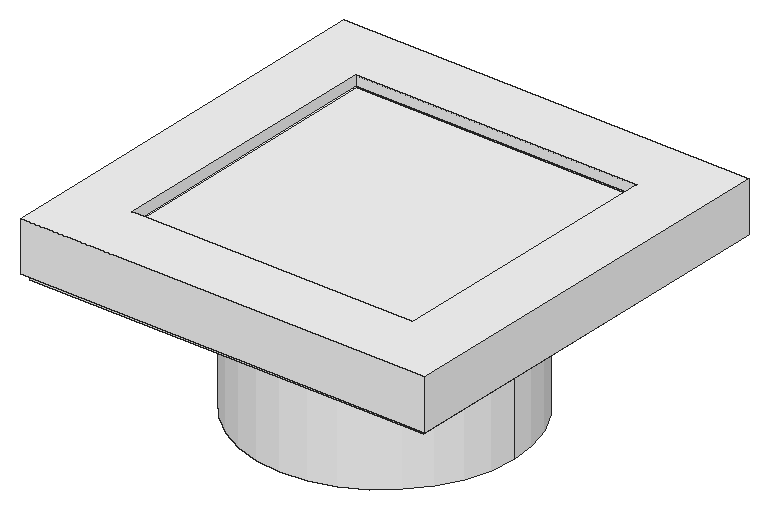
Revit family "Gira_291203", category Electrical Fixtures, host Face, Revit 2017
Family settings
  Host = Face
  Maintain Annotation Orientation = Yes
  Round Connector Dimension = Use Diameter
  Part Type = Normal
  Cut with Voids When Loaded = No
  Shared = No
  Room Calculation Point = No
Parameters (values of type "Zugtaster System 55 Reinweiß")
  Zusammenstellung = "Basiselement"
  White [instance] = White
  Werkstoffgüte = "sonstige"
  Werkstoff = "sonstige"
  URL = "http://katalog.gira.de/de_DE/datenblatt.html?artikelnr=291203"
  Tasterfunktion = "Ruf auslösen"
  Region = "DE"
  Name = "Zugtaster System 55 Reinweiß"
  Model = "Sys55_Komplettgerät_Schalten und Tasten"
  Manufacturer URL = "https://www.gira.de/"
  HeinzeBIM = "https://bimportal.heinze.de/bim/zugtaster-system-55-reinweiss/5bac549efa62aa683827bc893924f0966a0ba7ff"
  HAN = "291203"
  Geeignet für = "Notruf"
  GTIN = "4010337062561"
  Farbe = "weiß"
  Default Elevation = 1219.2 mm
  Data sheet (1) = "https://katalog.gira.de/de_DE/download.html?artikelnr=291203"
  Category = "Ruf-, Bedienervorrichtung Klinikinstallation"
  Busfähig = "2-Draht"
  Bedienung = "Zug"
  Bauart = "Wandgerät"
  Available = "Yes"
  Art der Spannungsversorgung = "Bus-System"
Reference planes
  plane 1 "Center (Front/Back)": y = 0
  plane 2: z = 0
  plane 3 "Center (Left/Right)": x = 0
Forms (mm)
  Extrusion 1, solid, material "White" <- "White", detail levels medium
    sketch origin (0, 0, 0) x (1, 0, 0) y (0, 1, 0)
      loop
        line (-40.4, 40.4) -> (-40.4, -40.4) -> (40.4, -40.4) -> (40.4, 40.4) -> (-40.4, 40.4)
      loop
        line (-28, 28) -> (-28, -28) -> (28, -28) -> (28, 28) -> (-28, 28)
    from 0 to 10
  Extrusion 2, solid, material "White" <- "White", detail levels fine
    sketch origin (0, 0, 0) x (1, 0, 0) y (0, 1, 0)
      loop
        line (-40.4, 40.4) -> (-40.4, -40.4) -> (40.4, -40.4) -> (40.4, 40.4) -> (-40.4, 40.4)
      loop
        line (-28, 28) -> (-28, -28) -> (28, -28) -> (28, 28) -> (-28, 28)
    from 0 to 10
  Extrusion 3, void
    sketch origin (0, 0, 0) x (1, 0, 0) y (0, 1, 0)
      loop
        line (-38.4, 38.4) -> (-38.4, -38.4) -> (38.4, -38.4) -> (38.4, 38.4) -> (-38.4, 38.4)
    from 0 to 8
  Extrusion 4, solid, material "White" <- "White", detail levels medium+fine
    sketch origin (0, 0, 0) x (1, 0, 0) y (0, 1, 0)
      loop
        line (-39.4, 39.4) -> (-39.4, -39.4) -> (39.4, -39.4) -> (39.4, 39.4) -> (-39.4, 39.4)
    from 0 to -1
  Extrusion 5, solid, material "White" <- "White", detail levels medium+fine
    sketch origin (0, 0, 0) x (1, 0, 0) y (0, 1, 0)
      loop
        line (-35.5, 35.5) -> (-35.5, -35.5) -> (35.5, -35.5) -> (35.5, 35.5) -> (-35.5, 35.5)
    from -2 to -3
  Extrusion 6, solid, material "White" <- "White", detail levels medium+fine
    sketch origin (0, 0, 0) x (1, 0, 0) y (0, 1, 0)
      loop
        circle (0, 0) r 26
    from 0 to -27.5
  Extrusion 7, solid, material "White" <- "White", detail levels coarse
    sketch origin (0, 0, 0) x (1, 0, 0) y (0, 1, 0)
      loop
        line (-40.4, 40.4) -> (-40.4, -40.4) -> (40.4, -40.4) -> (40.4, 40.4) -> (-40.4, 40.4)
    from -27.5 to 10
Cuts and joins
  Extrusion 3 cuts Extrusion 2
Dimensions and locks
  aligned and locked: plane 2 to host face
  aligned and locked: level to host face
  aligned and locked: plane 3 "Center (Left/Right)" to nested 2
  aligned and locked: plane 1 "Center (Front/Back)" to nested 2
Nested families
  nested 1: "Sys55_Abdeckung_Schalten und Tasten_floor_base" at (0, 0, 0), type "Sys55_Abdeckung_Schalten und Tasten_floor_base"
  nested 2: "Schalter" at (0, 0, 0), type "Schalter"
Connectors
  electrical at (0, 0, -27.5)
    settings: on Extrusion 6, index 1, voltage 220 V, apparent load 0 VA, apparent load phase1 0 VA, apparent load phase2 0 VA, apparent load phase3 0 VA, power factor 1, load classification "Other", number of poles 1, system type 30, power factor state 1, is connector primary yes, connector utility no, sub classification motor no, connector description ""
Definition of nested family "Sys55_Abdeckung_Schalten und Tasten_floor_base"
  Parameters
    Default Elevation = 1219.2 mm
    White [instance] = none
  Reference planes
    plane 1 "Center (Front/Back)": y = 0
    plane 2: z = 0
    plane 3 "Center (Left/Right)": x = 0
  Forms (mm)
    Extrusion 1, solid
      sketch origin (0, 0, 0) x (1, 0, 0) y (0, 1, 0)
        loop
          line (-1219.2, 1219.2) -> (-1219.2, -1219.2) -> (1219.2, -1219.2) -> (1219.2, 1219.2) -> (-1219.2, 1219.2)
      from 0 to -304.8
    Extrusion 2, solid, material <- "White", detail levels fine
      sketch origin (0, 0, 0) x (1, 0, 0) y (0, 1, 0)
        loop
          line (-27.5, 27.5) -> (-27.5, -27.5) -> (27.5, -27.5) -> (27.5, 27.5) -> (-27.5, 27.5)
      from 0 to 8
    Extrusion 3, void
      sketch origin (0, 0, 0) x (1, 0, 0) y (0, 1, 0)
        loop
          line (26, 26) -> (-26, 26) -> (-26, -26) -> (26, -26) -> (26, 26)
      from 0 to 6
    Extrusion 4, solid, material <- "White", detail levels medium
      sketch origin (0, 0, 0) x (1, 0, 0) y (0, 1, 0)
        loop
          line (-27.5, 27.5) -> (-27.5, -27.5) -> (27.5, -27.5) -> (27.5, 27.5) -> (-27.5, 27.5)
      from 0 to 8
    Extrusion 5, solid, material <- "White", detail levels medium
      sketch origin (0, 0, 0) x (1, 0, 0) y (0, 1, 0)
        loop
          line (11, -17.5) -> (11, 17.5) -> (-11, 17.5) -> (-11, -17.5) -> (11, -17.5)
      from -6 to 6
    Extrusion 6, solid, material <- "White", detail levels fine
      sketch origin (0, 0, 0) x (1, 0, 0) y (0, 1, 0)
        loop
          line (11, 17.5) -> (-11, 17.5) -> (-11, 16.5) -> (11, 16.5) -> (11, 17.5)
        loop
          line (-11, -16.5) -> (-11, -17.5) -> (11, -17.5) -> (11, -16.5) -> (-11, -16.5)
      from -4 to 6
    Extrusion 7, solid, material <- "White", detail levels fine
      sketch origin (0, 0, 0) x (1, 0, 0) y (0, 1, 0)
        loop
          arc (5, 9.347) -> (0, 10.6) -> (-5, 9.347) r 10.6
          line (-5, 9.347) -> (-5, -9.347)
          arc (-5, -9.347) -> (0, -10.6) -> (5, -9.347) r 10.6
          line (5, -9.347) -> (5, 9.347)
      from -6 to 6
    Extrusion 8, solid, material <- "White", detail levels coarse
      sketch origin (0, 0, 0) x (1, 0, 0) y (0, 1, 0)
        loop
          line (-27.5, 27.5) -> (-27.5, -27.5) -> (27.5, -27.5) -> (27.5, 27.5) -> (-27.5, 27.5)
      from -6 to 8
  Cuts and joins
    Extrusion 3 cuts Extrusion 2
  Dimensions and locks
    aligned and locked: plane 2 to Extrusion 1
    aligned and locked: level to Extrusion 1
Definition of nested family "Schalter"
  Reference planes
    plane 1: y = 0
    plane 2: x = 0
  Lines and regions (mm)
    detail lines
      curve 1: circle (1.375, 2.778, 0) r 0.8 normal (0, 0, 1)
      curve 2: line (1.021, 2.061, 0) -> (0, 0, 0)
      curve 3: line (0, 0, 0) -> (-0.538, 0.266, 0)
  Dimensions and locks
    curve 2 to curve 2 = 2.3 mm
    curve 3 to curve 2 = 0.6 mm
    radius of curve 1 = 0.8 mm
